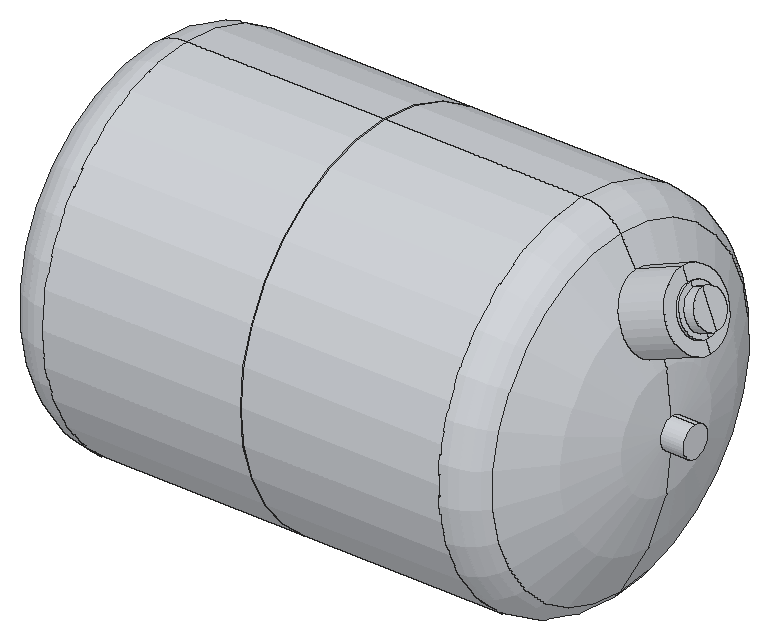
Revit family
Parameters (values of type "AX-15 125# W.P.")
  Weight = "37 lbs"
  Tank Volume = "8 Gal"
  Tank Radius = Tank Diameter / 2  # 6.000"
  Tank Length = 19.250"
  Tank Diameter = 12.000"
  Pipe Connector Diameter = Pipe Connection Radius * 2  # 0.500"
  Pipe Connection Radius = 0.250"
  Off Ref Plane = 3.000"
  Model = "AX-15"
  Maximum Acceptance Volume = "2.4 Gal"
  Max Operating Temp = "240 DEG F"
  Max Operating Pressure = "125 PSI"
  Manufacturer = "Amtrol"
  Bladder/Diaphragm = "Diaphragm"
  ASME = yes
  1/2 Tank Length = Tank Length / 2  # 9.625"
Types (5): name | Weight | Tank Volume | Tank Length | Model | Max Operating Pressure | 1/2 Tank Length
  (no name) | "37 lbs" | "8 Gal" | 19.250" | "AX-15" | "125 PSI" | 9.625"
  AX-15 125# W.P. | "37 lbs" | "8 Gal" | 19.250" | "AX-15" | "125 PSI" | 9.625"
  AX-20 150# W.P. 10 BAR | "41 lbs" | "10.9 Gal" | 26.250" | "AX-20" | "150 PSI" | 13.125"
  AX-15 150# W.P. | "44 lbs" | "8 Gal" | 19.250" | "AX-15" | "150 PSI" | 9.625"
  AX-20 125# W.P. | "46 lbs" | "10.9 Gal" | 26.250" | "AX-20" | "125 PSI" | 13.125"
Reference planes (in)
  plane 1 "Center (Front/Back)": y = 0
  plane 2: z = 0
  plane 3 "Center (Left/Right)": x = 0
  plane 4: z = 3
Forms (in)
  Revolve 1, solid
    sketch origin (0, 0, 0) x (1, 0, 0) y (0, 0, 1)
      loop
        arc (-9.625, 9) -> (-9.17991, 6.1898) -> (-7.8882, 3.65468) r 9.094
        arc (-7.8882, 3.65468) -> (-7.32435, 3.17311) -> (-6.60332, 3) r 1.5882
        line (-6.60332, 3) -> (0, 3) -> (0, 9) -> (-9.625, 9)
      axis (0, 9) -> (-9.625, 9)
    angle from 0 to 360
  Revolve 2, solid
    sketch origin (0, 0, 0) x (-1, 0, 0) y (0, 0, 1)
      loop
        arc (-9.625, 9) -> (-9.17991, 6.1898) -> (-7.8882, 3.65468) r 9.094
        arc (-7.8882, 3.65468) -> (-7.32435, 3.17311) -> (-6.60332, 3) r 1.5882
        line (-6.60332, 3) -> (0, 3) -> (0, 9) -> (-9.625, 9)
      axis (0, 9) -> (-9.625, 9)
    angle from 0 to 360
  Revolve 3, solid
    sketch origin (0, 0, 0) x (1, 0, 0) y (0, 0, 1)
      loop
        line (8.85197, 12.32758) -> (9.25829, 11.15458) -> (10.88086, 11.81014) -> (10.7141, 12.22289) -> (10.8271, 12.26854) -> (10.7657, 12.42051) -> (11.10114, 12.55604) -> (10.86487, 13.14084) -> (8.85197, 12.32758)
      axis (8.79385, 12.3041) -> (10.86487, 13.14084)
    angle from 0 to 360
  Sweep 4, solid
    path origin (0, 0, 0) x (1, 0, 0) y (0, 0, 1)
      loop
        line (9.625, 9) -> (10.375, 9)
    profile origin (10, 0, 9) x (0, 0, 1) y (0, -1, 0)
      loop
        circle (0, 0) r 0.5
Dimensions and locks (in)
  Revolve 1 sketch curve to Revolve 1 sketch curve = 7.5058"
  "1/2 Tank Length": Revolve 1 sketch curve to Revolve 1 sketch curve
  Revolve 2 sketch curve to Revolve 2 sketch curve = 7.5058"
  "1/2 Tank Length": Revolve 2 sketch curve to Revolve 2 sketch curve
  Sweep 4 to Revolve 3 sketch curve = 0.36671"
  Sweep 4 to Revolve 3 sketch curve = 0.77303"
  "1/2 Tank Length": Sweep 4 sketch curve to plane 3 "Center (Left/Right)"
  aligned and locked: plane 3 "Center (Left/Right)" to Revolve 1 sketch curve
  aligned and locked: import instance to plane 1 "Center (Front/Back)"
Automatic sketch dimensions
  Revolve 1 sketch curve to plane 3 "Center (Left/Right)" = 0.000"
  Revolve 1 sketch curve to Revolve 1 sketch curve = 5.125"
  level to Revolve 1 sketch curve = 3.65468"
  Revolve 1 sketch curve to Revolve 1 sketch curve = 1.7368"
  Revolve 1 sketch curve to Revolve 1 sketch curve = 0.000"  (x2)
  Revolve 1 sketch curve to Revolve 1 sketch curve = 1.28488"
  Revolve 2 sketch curve to plane 3 "Center (Left/Right)" = 0.000"  (x2)
  Revolve 2 sketch curve to Revolve 2 sketch curve = 5.125"
  Revolve 2 sketch curve to level = 3.65468"
  Revolve 2 sketch curve to Revolve 2 sketch curve = 1.7368"
  Revolve 2 sketch curve to Revolve 2 sketch curve = 0.000"  (x2)
  Revolve 2 sketch curve to Revolve 2 sketch curve = 1.28488"
  Revolve 3 sketch curve to Revolve 3 sketch curve = 0.000"  (x2)
  Revolve 3 sketch curve to Revolve 3 sketch curve = 1.45581"
  Revolve 3 sketch curve to Revolve 3 sketch curve = 0.0516"
  Revolve 3 sketch curve to Revolve 3 sketch curve = 0.113"
  Revolve 3 sketch curve to Revolve 3 sketch curve = 0.09917"
  Revolve 3 sketch curve to Revolve 3 sketch curve = 0.16676"
  Revolve 3 sketch curve to Revolve 3 sketch curve = 0.33544"
  Revolve 3 sketch curve to Revolve 3 sketch curve = 1.00045"
  level to Revolve 3 sketch curve = 11.15458"
  Revolve 3 sketch curve to Revolve 3 sketch curve = 0.65556"
  Revolve 3 sketch curve to Revolve 3 sketch curve = 0.40421"
  Sweep 4 sketch curve to plane 1 "Center (Front/Back)" = 0.000"
  profile plane to Sweep 4 sketch curve = 0.000"
  Sweep 4 sketch curve to Sweep 4 sketch curve = 0.750"
  plane 4 to Sweep 4 sketch curve = 6.000"
  radius of Sweep 4 sketch curve = 0.500"
Connectors (in)
  piping at (9.625, 0, 9), driven by "Pipe Connection Radius"
    settings: on Sweep 4, index 1
